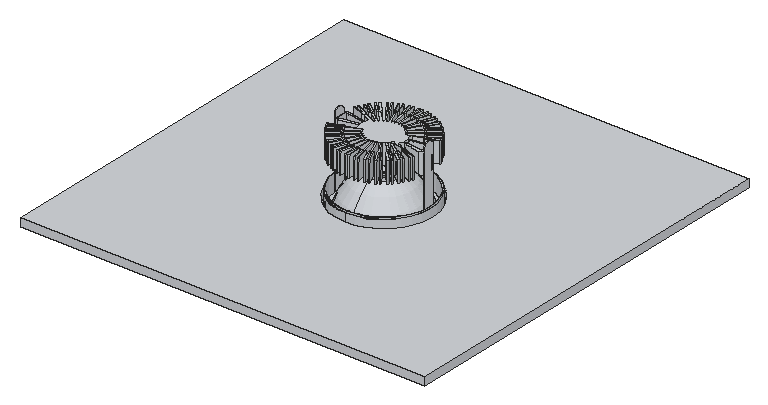
Revit family "Tempo-X161", category Lighting Fixtures, Revit 2014
Parameters (values of type "Tempo X161")
  Wattage Comments = "19.5"
  Wattage = 19.5 W
  built-in parameter 1150110 = 1 (stored number, unit not read)
  Type Comments = "Recessed"
  Type = "Tempo X161"
  built-in parameter 1114217 = 1 (stored number, unit not read)
  Tilt Angle = 90.00°
  built-in parameter 1150109 = 1 (stored number, unit not read)
  built-in parameter 1150134 = (empty or 0)
  built-in parameter 1150113 = 1 (stored number, unit not read)
  Photometric Web File = "C7161-XTM.ies"
  O/A Diameter (mm) = "161"
  Model = "C71XX, C72XX SERIES"
  Manufacturer = "Designed Architectural Lighting"
  Luminous flux of luminaire (lm) = "2000"
  Lumens = 1998.75 lm
  built-in parameter 1150115 = 1 (stored number, unit not read)
  built-in parameter 1150105 = 159.06 (stored number, unit not read)
  built-in parameter 1150137 = (empty or 0)
  built-in parameter 1150139 = (empty or 0)
  built-in parameter 1150112 = 1 (stored number, unit not read)
  built-in parameter 1150114 = 1 (stored number, unit not read)
  Lamp = "LED"
  built-in parameter 1150132 = (empty or 0)
  built-in parameter 1150102 = (empty or 0)
  built-in parameter 1150138 = (empty or 0)
  built-in parameter 1150107 = 3000 (stored number, unit not read)
  built-in parameter 1150106 = 1.5906 (stored number, unit not read)
  Height (mm) = "110"
  built-in parameter 1150104 = 9.5226 (stored number, unit not read)
  Dimming Lamp Color Temperature Shift = <None>
  Description = "Recessed LED downlighter"
  Cut Out (mm) = "147"
  Colour temperature (K) = "2700, 3000, 3500, 4000K"
  Color Filter = 16777215
  CRI = "80"
  built-in parameter 1114218 = 1 (stored number, unit not read)
  built-in parameter 1150133 = 10 (stored number, unit not read)
  Apparent Load = 19.5 VA
  Aperture (mm) = "120"
Reference planes
  plane 1 "Light Source Axis (F/B)": y = 0
  plane 2: z = 0
  plane 3 "Light Source Axis (L/R)": x = 0
  plane 4 "Light Source Elevation": z = 0
Forms (mm)
  Revolve 1, solid
    sketch origin (0, 0, -71.25) x (0, 1, 0) y (0, 0, 1)
      loop
        line (25, 122.29) -> (25, 123.355) -> (23.421, 123.355)
        arc (23.421, 123.355) -> (20.86, 133.209) -> (17.14, 142.687) r 85.065
        line (17.14, 142.687) -> (14.898, 142.687)
        arc (14.898, 142.687) -> (19.378, 132.384) -> (21.718, 121.397) r 56.147
        line (21.718, 121.397) -> (25, 121.397) -> (25, 122.29)
      axis (0, 142.687) -> (0, 121.397)
    angle from 0 to 360
  Revolve 2, solid
    sketch origin (0, 0, 0) x (0, 1, 0) y (0, 0, 1)
      loop
        line (61.474, 0) -> (70.259, 0) -> (70.259, 1.419) -> (62.196, 1.419)
        arc (62.196, 1.419) -> (48.032, 29.184) -> (26.44, 51.662) r 106.546
        line (26.44, 51.662) -> (26.44, 57.142) -> (30.935, 61.637) -> (30.935, 63.096) -> (29.749, 64.281) -> (28.369, 64.281) -> (29.742, 61.903) -> (25.237, 57.399) -> (25.237, 51.13) -> (26.69, 49.677)
        arc (26.69, 49.677) -> (47.93, 27.532) -> (61.474, 0) r 100.222
      axis (0, 64.281) -> (0, 0)
    angle from 0 to 360
  Extrusion 3, solid
    sketch origin (26.249, 2.013, 0) x (0, 1, 0) y (-1, 0, 0)
      loop
        line (-9.76, -39.191) -> (-9.76, -40.839) -> (5.202, -40.839) -> (5.202, -39.191) -> (-9.76, -39.191)
    from 3.8 to 112.458
  Extrusion 4, solid
    sketch origin (-106.271, 2.013, 0) x (0, 1, 0) y (-1, 0, 0)
      loop
        line (-9.76, -39.191) -> (-9.76, -40.839) -> (5.202, -40.839) -> (5.202, -39.191) -> (-9.76, -39.191)
    from 3.8 to 112.458
  Revolve 5, solid
    sketch origin (0, 0, 0) x (0, 1, 0) y (0, 0, 1)
      loop
        line (80.412, 0) -> (80.412, 2.117) -> (72.37, 2.117) -> (72.37, 3.8) -> (70.088, 3.8) -> (70.088, 24.673) -> (69.265, 24.673) -> (69.265, 26.768) -> (68.105, 26.768) -> (68.105, 1.768) -> (70.425, 1.768) -> (70.425, 0) -> (80.412, 0)
      axis (0, 26.768) -> (0, 0)
    angle from 0 to 360
  Extrusion 6, solid
    sketch origin (0, 0, 0) x (1, 0, 0) y (0, 1, 0)
      loop
        line (6.664, -49.816) -> (9.797, -67.585)
        arc (9.797, -67.585) -> (10.669, -68.174) -> (11.258, -67.301) r 0.744
        line (11.258, -67.301) -> (8.543, -50.165)
        arc (8.543, -50.165) -> (9.457, -48.81) -> (10.812, -49.724) r 1.156
        line (10.812, -49.724) -> (14.914, -66.649)
        arc (14.914, -66.649) -> (15.891, -67.245) -> (16.487, -66.268) r 0.809
        line (16.487, -66.268) -> (12.17, -48.457)
        arc (12.17, -48.457) -> (11.389, -47.099) -> (10, -46.375) r 2.794
        line (10, -46.375) -> (6.087, -26.242)
        arc (6.087, -26.242) -> (7.029, -24.172) -> (8.966, -25.363) r 1.517
        line (8.966, -25.363) -> (16.661, -44.408)
        arc (16.661, -44.408) -> (15.796, -45.906) -> (15.917, -47.631) r 2.958
        line (15.917, -47.631) -> (22.383, -64.476)
        arc (22.383, -64.476) -> (23.351, -64.887) -> (23.763, -63.919) r 0.744
        line (23.763, -63.919) -> (17.828, -47.615)
        arc (17.828, -47.615) -> (18.467, -46.111) -> (19.971, -46.749) r 1.156
        line (19.971, -46.749) -> (27.227, -62.58)
        arc (27.227, -62.58) -> (28.3, -62.979) -> (28.698, -61.906) r 0.809
        line (28.698, -61.906) -> (21.063, -45.246)
        arc (21.063, -45.246) -> (20.037, -44.062) -> (18.536, -43.616) r 2.794
        line (18.536, -43.616) -> (10.853, -24.601)
        arc (10.853, -24.601) -> (11.598, -22.613) -> (13.641, -23.186) r 1.569
        line (13.641, -23.186) -> (24.828, -40.413)
        arc (24.828, -40.413) -> (24.265, -42.048) -> (24.713, -43.719) r 2.958
        line (24.713, -43.719) -> (34.274, -59.021)
        arc (34.274, -59.021) -> (35.303, -59.239) -> (35.522, -58.21) r 0.744
        line (35.522, -58.21) -> (26.586, -43.338)
        arc (26.586, -43.338) -> (26.926, -41.74) -> (28.525, -42.08) r 1.156
        line (28.525, -42.08) -> (38.668, -56.235)
        arc (38.668, -56.235) -> (39.797, -56.422) -> (39.983, -55.293) r 0.809
        line (39.983, -55.293) -> (29.309, -40.396)
        arc (29.309, -40.396) -> (28.077, -39.43) -> (26.517, -39.278) r 2.794
        line (26.517, -39.278) -> (15.347, -22.078)
        arc (15.347, -22.078) -> (15.616, -19.525) -> (18.168, -19.257) r 2.039
        line (18.168, -19.257) -> (32.552, -34.152)
        arc (32.552, -34.152) -> (32.311, -35.864) -> (33.07, -37.419) r 2.958
        line (33.07, -37.419) -> (45.375, -50.615)
        arc (45.375, -50.615) -> (46.427, -50.633) -> (46.445, -49.582) r 0.744
        line (46.445, -49.582) -> (34.836, -36.688)
        arc (34.836, -36.688) -> (34.864, -35.054) -> (36.498, -35.082) r 1.156
        line (36.498, -35.082) -> (49.156, -47.043)
        arc (49.156, -47.043) -> (50.3, -47.01) -> (50.268, -45.866) r 0.809
        line (50.268, -45.866) -> (36.947, -33.28)
        arc (36.947, -33.28) -> (35.553, -32.567) -> (33.994, -32.716) r 2.794
        line (33.994, -32.716) -> (19.747, -17.963)
        arc (19.747, -17.963) -> (19.711, -15.866) -> (21.801, -15.687) r 1.536
        line (21.801, -15.687) -> (38.627, -27.469)
        arc (38.627, -27.469) -> (38.717, -29.197) -> (39.758, -30.578) r 2.958
        line (39.758, -30.578) -> (54.355, -41.183)
        arc (54.355, -41.183) -> (55.392, -41.001) -> (55.209, -39.965) r 0.744
        line (55.209, -39.965) -> (41.352, -29.523)
        arc (41.352, -29.523) -> (41.069, -27.914) -> (42.678, -27.63) r 1.156
        line (42.678, -27.63) -> (57.386, -36.955)
        arc (57.386, -36.955) -> (58.502, -36.705) -> (58.252, -35.589) r 0.809
        line (58.252, -35.589) -> (42.775, -25.775)
        arc (42.775, -25.775) -> (41.27, -25.341) -> (39.768, -25.785) r 2.794
        line (39.768, -25.785) -> (22.968, -14.021)
        arc (22.968, -14.021) -> (22.469, -12.009) -> (24.393, -11.239) r 1.578
        line (24.393, -11.239) -> (43.158, -19.594)
        arc (43.158, -19.594) -> (43.577, -21.272) -> (44.862, -22.43) r 2.958
        line (44.862, -22.43) -> (61.215, -30.055)
        arc (61.215, -30.055) -> (62.197, -29.678) -> (61.82, -28.696) r 0.744
        line (61.82, -28.696) -> (46.226, -21.09)
        arc (46.226, -21.09) -> (45.64, -19.565) -> (47.166, -18.979) r 1.156
        line (47.166, -18.979) -> (63.383, -25.327)
        arc (63.383, -25.327) -> (64.431, -24.868) -> (63.972, -23.82) r 0.809
        line (63.972, -23.82) -> (46.907, -17.14)
        arc (46.907, -17.14) -> (45.347, -17) -> (43.957, -17.723) r 2.794
        line (43.957, -17.723) -> (31.438, -12.149)
        arc (31.438, -12.149) -> (31.267, -8.471) -> (33.361, -5.443) r 5.752
        line (33.361, -5.443) -> (60.614, -10.248)
        arc (60.614, -10.248) -> (63.736, -9.613) -> (65.586, -7.019) r 4.346
        line (65.586, -7.019) -> (65.586, 7.019)
        arc (65.586, 7.019) -> (63.736, 9.613) -> (60.614, 10.248) r 4.346
        line (60.614, 10.248) -> (33.361, 5.443)
        arc (33.361, 5.443) -> (31.267, 8.471) -> (31.438, 12.149) r 5.752
        line (31.438, 12.149) -> (43.957, 17.723)
        arc (43.957, 17.723) -> (45.347, 17) -> (46.907, 17.14) r 2.794
        line (46.907, 17.14) -> (63.972, 23.82)
        arc (63.972, 23.82) -> (64.431, 24.868) -> (63.383, 25.327) r 0.809
        line (63.383, 25.327) -> (47.166, 18.979)
        arc (47.166, 18.979) -> (45.64, 19.565) -> (46.226, 21.09) r 1.156
        line (46.226, 21.09) -> (61.82, 28.696)
        arc (61.82, 28.696) -> (62.197, 29.678) -> (61.215, 30.055) r 0.744
        line (61.215, 30.055) -> (44.862, 22.43)
        arc (44.862, 22.43) -> (43.577, 21.272) -> (43.158, 19.594) r 2.958
        line (43.158, 19.594) -> (24.393, 11.239)
        arc (24.393, 11.239) -> (22.469, 12.009) -> (22.968, 14.021) r 1.578
        line (22.968, 14.021) -> (39.768, 25.785)
        arc (39.768, 25.785) -> (41.27, 25.341) -> (42.775, 25.775) r 2.794
        line (42.775, 25.775) -> (58.252, 35.589)
        arc (58.252, 35.589) -> (58.502, 36.705) -> (57.386, 36.955) r 0.809
        line (57.386, 36.955) -> (42.678, 27.63)
        arc (42.678, 27.63) -> (41.069, 27.914) -> (41.352, 29.523) r 1.156
        line (41.352, 29.523) -> (55.209, 39.965)
        arc (55.209, 39.965) -> (55.392, 41.001) -> (54.355, 41.183) r 0.744
        line (54.355, 41.183) -> (39.758, 30.578)
        arc (39.758, 30.578) -> (38.717, 29.197) -> (38.627, 27.469) r 2.958
        line (38.627, 27.469) -> (21.801, 15.687)
        arc (21.801, 15.687) -> (19.711, 15.866) -> (19.747, 17.963) r 1.536
        line (19.747, 17.963) -> (33.994, 32.716)
        arc (33.994, 32.716) -> (35.553, 32.567) -> (36.947, 33.28) r 2.794
        line (36.947, 33.28) -> (50.268, 45.866)
        arc (50.268, 45.866) -> (50.3, 47.01) -> (49.156, 47.043) r 0.809
        line (49.156, 47.043) -> (36.498, 35.082)
        arc (36.498, 35.082) -> (34.864, 35.054) -> (34.836, 36.688) r 1.156
        line (34.836, 36.688) -> (46.445, 49.582)
        arc (46.445, 49.582) -> (46.427, 50.633) -> (45.375, 50.615) r 0.744
        line (45.375, 50.615) -> (33.07, 37.419)
        arc (33.07, 37.419) -> (32.311, 35.864) -> (32.552, 34.152) r 2.958
        line (32.552, 34.152) -> (18.168, 19.257)
        arc (18.168, 19.257) -> (15.616, 19.525) -> (15.347, 22.078) r 2.039
        line (15.347, 22.078) -> (26.517, 39.278)
        arc (26.517, 39.278) -> (28.077, 39.43) -> (29.309, 40.396) r 2.794
        line (29.309, 40.396) -> (39.983, 55.293)
        arc (39.983, 55.293) -> (39.797, 56.422) -> (38.668, 56.235) r 0.809
        line (38.668, 56.235) -> (28.525, 42.08)
        arc (28.525, 42.08) -> (26.926, 41.74) -> (26.586, 43.338) r 1.156
        line (26.586, 43.338) -> (35.522, 58.21)
        arc (35.522, 58.21) -> (35.303, 59.239) -> (34.274, 59.021) r 0.744
        line (34.274, 59.021) -> (24.713, 43.719)
        arc (24.713, 43.719) -> (24.265, 42.048) -> (24.828, 40.413) r 2.958
        line (24.828, 40.413) -> (13.641, 23.186)
        arc (13.641, 23.186) -> (11.598, 22.613) -> (10.853, 24.601) r 1.569
        line (10.853, 24.601) -> (18.536, 43.616)
        arc (18.536, 43.616) -> (20.037, 44.062) -> (21.063, 45.246) r 2.794
        line (21.063, 45.246) -> (28.698, 61.906)
        arc (28.698, 61.906) -> (28.3, 62.979) -> (27.227, 62.58) r 0.809
        line (27.227, 62.58) -> (19.971, 46.749)
        arc (19.971, 46.749) -> (18.467, 46.111) -> (17.828, 47.615) r 1.156
        line (17.828, 47.615) -> (23.763, 63.919)
        arc (23.763, 63.919) -> (23.351, 64.887) -> (22.383, 64.476) r 0.744
        line (22.383, 64.476) -> (15.917, 47.631)
        arc (15.917, 47.631) -> (15.796, 45.906) -> (16.661, 44.408) r 2.958
        line (16.661, 44.408) -> (8.966, 25.363)
        arc (8.966, 25.363) -> (7.029, 24.172) -> (6.087, 26.242) r 1.517
        line (6.087, 26.242) -> (10, 46.375)
        arc (10, 46.375) -> (11.389, 47.099) -> (12.17, 48.457) r 2.794
        line (12.17, 48.457) -> (16.487, 66.268)
        arc (16.487, 66.268) -> (15.891, 67.245) -> (14.914, 66.649) r 0.809
        line (14.914, 66.649) -> (10.812, 49.724)
        arc (10.812, 49.724) -> (9.457, 48.81) -> (8.543, 50.165) r 1.156
        line (8.543, 50.165) -> (11.258, 67.301)
        arc (11.258, 67.301) -> (10.669, 68.174) -> (9.797, 67.585) r 0.744
        line (9.797, 67.585) -> (6.664, 49.816)
        arc (6.664, 49.816) -> (6.875, 48.099) -> (8.009, 46.794) r 2.958
        line (8.009, 46.794) -> (4.11, 26.732)
        arc (4.11, 26.732) -> (2.621, 25.243) -> (1.133, 26.732) r 1.489
        line (1.133, 26.732) -> (1.133, 47.273)
        arc (1.133, 47.273) -> (2.496, 48.338) -> (3.03, 49.983) r 2.958
        line (3.03, 49.983) -> (3.345, 68.023)
        arc (3.345, 68.023) -> (2.601, 68.767) -> (1.857, 68.023) r 0.744
        line (1.857, 68.023) -> (1.252, 50.684)
        arc (1.252, 50.684) -> (0.096, 49.528) -> (-1.059, 50.684) r 1.156
        line (-1.059, 50.684) -> (-1.856, 68.08)
        arc (-1.856, 68.08) -> (-2.702, 68.851) -> (-3.473, 68.006) r 0.809
        line (-3.473, 68.006) -> (-2.634, 49.699)
        arc (-2.634, 49.699) -> (-2.127, 48.217) -> (-0.902, 47.241) r 2.794
        line (-0.902, 47.241) -> (-0.902, 26.631)
        arc (-0.902, 26.631) -> (-2.496, 25.036) -> (-4.09, 26.631) r 1.594
        line (-4.09, 26.631) -> (-8.009, 46.794)
        arc (-8.009, 46.794) -> (-6.875, 48.099) -> (-6.664, 49.816) r 2.958
        line (-6.664, 49.816) -> (-9.797, 67.585)
        arc (-9.797, 67.585) -> (-10.669, 68.174) -> (-11.258, 67.301) r 0.744
        line (-11.258, 67.301) -> (-8.543, 50.165)
        arc (-8.543, 50.165) -> (-9.457, 48.81) -> (-10.812, 49.724) r 1.156
        line (-10.812, 49.724) -> (-14.914, 66.649)
        arc (-14.914, 66.649) -> (-15.891, 67.245) -> (-16.487, 66.268) r 0.809
        line (-16.487, 66.268) -> (-12.17, 48.457)
        arc (-12.17, 48.457) -> (-11.389, 47.099) -> (-10, 46.375) r 2.794
        line (-10, 46.375) -> (-6.087, 26.242)
        arc (-6.087, 26.242) -> (-7.021, 24.149) -> (-8.966, 25.363) r 1.52
        line (-8.966, 25.363) -> (-16.661, 44.408)
        arc (-16.661, 44.408) -> (-15.796, 45.906) -> (-15.917, 47.631) r 2.958
        line (-15.917, 47.631) -> (-22.383, 64.476)
        arc (-22.383, 64.476) -> (-23.351, 64.887) -> (-23.763, 63.919) r 0.744
        line (-23.763, 63.919) -> (-17.828, 47.615)
        arc (-17.828, 47.615) -> (-18.467, 46.111) -> (-19.971, 46.749) r 1.156
        line (-19.971, 46.749) -> (-27.227, 62.58)
        arc (-27.227, 62.58) -> (-28.3, 62.979) -> (-28.698, 61.906) r 0.809
        line (-28.698, 61.906) -> (-21.063, 45.246)
        arc (-21.063, 45.246) -> (-20.037, 44.062) -> (-18.536, 43.616) r 2.794
        line (-18.536, 43.616) -> (-10.853, 24.601)
        arc (-10.853, 24.601) -> (-11.463, 22.348) -> (-13.641, 23.186) r 1.572
        line (-13.641, 23.186) -> (-24.828, 40.413)
        arc (-24.828, 40.413) -> (-24.265, 42.048) -> (-24.713, 43.719) r 2.958
        line (-24.713, 43.719) -> (-34.274, 59.021)
        arc (-34.274, 59.021) -> (-35.303, 59.239) -> (-35.522, 58.21) r 0.744
        line (-35.522, 58.21) -> (-26.586, 43.338)
        arc (-26.586, 43.338) -> (-26.926, 41.74) -> (-28.525, 42.08) r 1.156
        line (-28.525, 42.08) -> (-38.668, 56.235)
        arc (-38.668, 56.235) -> (-39.797, 56.422) -> (-39.983, 55.293) r 0.809
        line (-39.983, 55.293) -> (-29.309, 40.396)
        arc (-29.309, 40.396) -> (-28.077, 39.43) -> (-26.517, 39.278) r 2.794
        line (-26.517, 39.278) -> (-15.347, 22.078)
        arc (-15.347, 22.078) -> (-15.464, 19.259) -> (-18.283, 19.376) r 1.995
        line (-18.283, 19.376) -> (-32.552, 34.152)
        arc (-32.552, 34.152) -> (-32.311, 35.864) -> (-33.07, 37.419) r 2.958
        line (-33.07, 37.419) -> (-45.375, 50.615)
        arc (-45.375, 50.615) -> (-46.427, 50.633) -> (-46.445, 49.582) r 0.744
        line (-46.445, 49.582) -> (-34.836, 36.688)
        arc (-34.836, 36.688) -> (-34.864, 35.054) -> (-36.498, 35.082) r 1.156
        line (-36.498, 35.082) -> (-49.156, 47.043)
        arc (-49.156, 47.043) -> (-50.3, 47.01) -> (-50.268, 45.866) r 0.809
        line (-50.268, 45.866) -> (-36.947, 33.28)
        arc (-36.947, 33.28) -> (-35.553, 32.567) -> (-33.994, 32.716) r 2.794
        line (-33.994, 32.716) -> (-19.747, 17.963)
        arc (-19.747, 17.963) -> (-19.769, 15.918) -> (-21.801, 15.687) r 1.544
        line (-21.801, 15.687) -> (-38.627, 27.469)
        arc (-38.627, 27.469) -> (-38.717, 29.197) -> (-39.758, 30.578) r 2.958
        line (-39.758, 30.578) -> (-54.355, 41.183)
        arc (-54.355, 41.183) -> (-55.392, 41.001) -> (-55.209, 39.965) r 0.744
        line (-55.209, 39.965) -> (-41.352, 29.523)
        arc (-41.352, 29.523) -> (-41.069, 27.914) -> (-42.678, 27.63) r 1.156
        line (-42.678, 27.63) -> (-57.386, 36.955)
        arc (-57.386, 36.955) -> (-58.502, 36.705) -> (-58.252, 35.589) r 0.809
        line (-58.252, 35.589) -> (-42.775, 25.775)
        arc (-42.775, 25.775) -> (-41.27, 25.341) -> (-39.768, 25.785) r 2.794
        line (-39.768, 25.785) -> (-23.019, 14.057)
        arc (-23.019, 14.057) -> (-22.346, 11.985) -> (-24.393, 11.239) r 1.568
        line (-24.393, 11.239) -> (-43.158, 19.594)
        arc (-43.158, 19.594) -> (-43.577, 21.272) -> (-44.862, 22.43) r 2.958
        line (-44.862, 22.43) -> (-61.215, 30.055)
        arc (-61.215, 30.055) -> (-62.197, 29.678) -> (-61.82, 28.696) r 0.744
        line (-61.82, 28.696) -> (-46.226, 21.09)
        arc (-46.226, 21.09) -> (-45.64, 19.565) -> (-47.166, 18.979) r 1.156
        line (-47.166, 18.979) -> (-63.383, 25.327)
        arc (-63.383, 25.327) -> (-64.431, 24.868) -> (-63.972, 23.82) r 0.809
        line (-63.972, 23.82) -> (-46.907, 17.14)
        arc (-46.907, 17.14) -> (-45.347, 17) -> (-43.957, 17.723) r 2.794
        line (-43.957, 17.723) -> (-31.269, 12.074)
        arc (-31.269, 12.074) -> (-31.503, 8.573) -> (-32.598, 5.239) r 14.046
        line (-32.598, 5.239) -> (-59.312, 10.432)
        arc (-59.312, 10.432) -> (-62.715, 10.104) -> (-65.39, 7.976) r 6.018
        line (-65.39, 7.976) -> (-65.39, 3.599) -> (-65.39, -3.599) -> (-65.39, -7.976)
        arc (-65.39, -7.976) -> (-62.715, -10.104) -> (-59.312, -10.432) r 6.018
        line (-59.312, -10.432) -> (-32.598, -5.239)
        arc (-32.598, -5.239) -> (-31.503, -8.573) -> (-31.269, -12.074) r 14.046
        line (-31.269, -12.074) -> (-43.957, -17.723)
        arc (-43.957, -17.723) -> (-45.347, -17) -> (-46.907, -17.14) r 2.794
        line (-46.907, -17.14) -> (-63.972, -23.82)
        arc (-63.972, -23.82) -> (-64.431, -24.868) -> (-63.383, -25.327) r 0.809
        line (-63.383, -25.327) -> (-47.166, -18.979)
        arc (-47.166, -18.979) -> (-45.64, -19.565) -> (-46.226, -21.09) r 1.156
        line (-46.226, -21.09) -> (-61.82, -28.696)
        arc (-61.82, -28.696) -> (-62.197, -29.678) -> (-61.215, -30.055) r 0.744
        line (-61.215, -30.055) -> (-44.862, -22.43)
        arc (-44.862, -22.43) -> (-43.577, -21.272) -> (-43.158, -19.594) r 2.958
        line (-43.158, -19.594) -> (-24.393, -11.239)
        arc (-24.393, -11.239) -> (-22.346, -11.985) -> (-23.019, -14.057) r 1.568
        line (-23.019, -14.057) -> (-39.768, -25.785)
        arc (-39.768, -25.785) -> (-41.27, -25.341) -> (-42.775, -25.775) r 2.794
        line (-42.775, -25.775) -> (-58.252, -35.589)
        arc (-58.252, -35.589) -> (-58.502, -36.705) -> (-57.386, -36.955) r 0.809
        line (-57.386, -36.955) -> (-42.678, -27.63)
        arc (-42.678, -27.63) -> (-41.069, -27.914) -> (-41.352, -29.523) r 1.156
        line (-41.352, -29.523) -> (-55.209, -39.965)
        arc (-55.209, -39.965) -> (-55.392, -41.001) -> (-54.355, -41.183) r 0.744
        line (-54.355, -41.183) -> (-39.758, -30.578)
        arc (-39.758, -30.578) -> (-38.717, -29.197) -> (-38.627, -27.469) r 2.958
        line (-38.627, -27.469) -> (-21.801, -15.687)
        arc (-21.801, -15.687) -> (-19.769, -15.918) -> (-19.747, -17.963) r 1.544
        line (-19.747, -17.963) -> (-33.994, -32.716)
        arc (-33.994, -32.716) -> (-35.553, -32.567) -> (-36.947, -33.28) r 2.794
        line (-36.947, -33.28) -> (-50.268, -45.866)
        arc (-50.268, -45.866) -> (-50.3, -47.01) -> (-49.156, -47.043) r 0.809
        line (-49.156, -47.043) -> (-36.498, -35.082)
        arc (-36.498, -35.082) -> (-34.864, -35.054) -> (-34.836, -36.688) r 1.156
        line (-34.836, -36.688) -> (-46.445, -49.582)
        arc (-46.445, -49.582) -> (-46.427, -50.633) -> (-45.375, -50.615) r 0.744
        line (-45.375, -50.615) -> (-33.07, -37.419)
        arc (-33.07, -37.419) -> (-32.311, -35.864) -> (-32.552, -34.152) r 2.958
        line (-32.552, -34.152) -> (-18.283, -19.376)
        arc (-18.283, -19.376) -> (-15.464, -19.259) -> (-15.347, -22.078) r 1.995
        line (-15.347, -22.078) -> (-26.517, -39.278)
        arc (-26.517, -39.278) -> (-28.077, -39.43) -> (-29.309, -40.396) r 2.794
        line (-29.309, -40.396) -> (-39.983, -55.293)
        arc (-39.983, -55.293) -> (-39.797, -56.422) -> (-38.668, -56.235) r 0.809
        line (-38.668, -56.235) -> (-28.525, -42.08)
        arc (-28.525, -42.08) -> (-26.926, -41.74) -> (-26.586, -43.338) r 1.156
        line (-26.586, -43.338) -> (-35.522, -58.21)
        arc (-35.522, -58.21) -> (-35.303, -59.239) -> (-34.274, -59.021) r 0.744
        line (-34.274, -59.021) -> (-24.713, -43.719)
        arc (-24.713, -43.719) -> (-24.265, -42.048) -> (-24.828, -40.413) r 2.958
        line (-24.828, -40.413) -> (-13.641, -23.186)
        arc (-13.641, -23.186) -> (-11.463, -22.348) -> (-10.853, -24.601) r 1.572
        line (-10.853, -24.601) -> (-18.536, -43.616)
        arc (-18.536, -43.616) -> (-20.037, -44.062) -> (-21.063, -45.246) r 2.794
        line (-21.063, -45.246) -> (-28.698, -61.906)
        arc (-28.698, -61.906) -> (-28.3, -62.979) -> (-27.227, -62.58) r 0.809
        line (-27.227, -62.58) -> (-19.971, -46.749)
        arc (-19.971, -46.749) -> (-18.467, -46.111) -> (-17.828, -47.615) r 1.156
        line (-17.828, -47.615) -> (-23.763, -63.919)
        arc (-23.763, -63.919) -> (-23.351, -64.887) -> (-22.383, -64.476) r 0.744
        line (-22.383, -64.476) -> (-15.917, -47.631)
        arc (-15.917, -47.631) -> (-15.796, -45.906) -> (-16.661, -44.408) r 2.958
        line (-16.661, -44.408) -> (-8.966, -25.363)
        arc (-8.966, -25.363) -> (-7.021, -24.149) -> (-6.087, -26.242) r 1.52
        line (-6.087, -26.242) -> (-10, -46.375)
        arc (-10, -46.375) -> (-11.389, -47.099) -> (-12.17, -48.457) r 2.794
        line (-12.17, -48.457) -> (-16.487, -66.268)
        arc (-16.487, -66.268) -> (-15.891, -67.245) -> (-14.914, -66.649) r 0.809
        line (-14.914, -66.649) -> (-10.812, -49.724)
        arc (-10.812, -49.724) -> (-9.457, -48.81) -> (-8.543, -50.165) r 1.156
        line (-8.543, -50.165) -> (-11.258, -67.301)
        arc (-11.258, -67.301) -> (-10.669, -68.174) -> (-9.797, -67.585) r 0.744
        line (-9.797, -67.585) -> (-6.664, -49.816)
        arc (-6.664, -49.816) -> (-6.875, -48.099) -> (-8.009, -46.794) r 2.958
        line (-8.009, -46.794) -> (-4.09, -26.631)
        arc (-4.09, -26.631) -> (-2.496, -25.036) -> (-0.902, -26.631) r 1.594
        line (-0.902, -26.631) -> (-0.902, -47.241)
        arc (-0.902, -47.241) -> (-2.127, -48.217) -> (-2.634, -49.699) r 2.794
        line (-2.634, -49.699) -> (-3.473, -68.006)
        arc (-3.473, -68.006) -> (-2.702, -68.851) -> (-1.856, -68.08) r 0.809
        line (-1.856, -68.08) -> (-1.059, -50.684)
        arc (-1.059, -50.684) -> (0.096, -49.528) -> (1.252, -50.684) r 1.156
        line (1.252, -50.684) -> (1.857, -68.023)
        arc (1.857, -68.023) -> (2.601, -68.767) -> (3.345, -68.023) r 0.744
        line (3.345, -68.023) -> (3.03, -49.983)
        arc (3.03, -49.983) -> (2.496, -48.338) -> (1.133, -47.273) r 2.958
        line (1.133, -47.273) -> (1.133, -26.732)
        arc (1.133, -26.732) -> (2.621, -25.243) -> (4.11, -26.732) r 1.489
        line (4.11, -26.732) -> (8.009, -46.794)
        arc (8.009, -46.794) -> (6.875, -48.099) -> (6.664, -49.816) r 2.958
      loop
        line (33.87, -2.936) -> (62.854, -8.047) -> (62.854, 8.047) -> (33.87, 2.936)
        arc (33.87, 2.936) -> (33.153, 0) -> (33.87, -2.936) r 6.371
      loop
        arc (-33.915, -3.014) -> (-33.296, 0) -> (-33.915, 3.014) r 7.653
        line (-33.915, 3.014) -> (-62.757, 7.583) -> (-62.757, -7.583) -> (-33.915, -3.014)
    from 71.437 to 101.646
  Extrusion 7, void
    sketch origin (0, 0, 0.625) x (0, 1, 0) y (0, 0, 1)
      loop
        line (7.215, 105.671) -> (8.36, 105.671) -> (8.36, 113.252) -> (-8.843, 113.252) -> (-8.843, 105.671) -> (-7.747, 105.671)
        arc (-7.747, 105.671) -> (-0.266, 111.774) -> (7.215, 105.671) r 7.636
    from 59.955 to 69.49
  Extrusion 8, void
    sketch origin (0, 0.001, 0.624) x (0, 1, 0) y (0, 0, 1)
      loop
        line (7.215, 105.671) -> (8.36, 105.671) -> (8.36, 113.253) -> (-8.843, 113.253) -> (-8.843, 105.671) -> (-7.747, 105.671)
        arc (-7.747, 105.671) -> (-0.266, 111.774) -> (7.215, 105.671) r 7.636
    from -71.118 to -62.757
  Extrusion 9, solid
    sketch origin (0, 0, 0) x (1, 0, 0) y (0, 1, 0)
      loop
        line (-298.853, 299.394) -> (-298.853, -300.606) -> (301.147, -300.606) -> (301.147, 299.394) -> (-298.853, 299.394)
      loop
        circle (0, 0) r 73.5
    from 2.117 to 14.117
Cuts and joins
  Extrusion 7 cuts Extrusion 3
  Extrusion 8 cuts Extrusion 4
Dimensions and locks
  aligned and locked: plane 3 "Light Source Axis (L/R)" to imposter light
  aligned and locked: plane 1 "Light Source Axis (F/B)" to imposter light
  aligned and locked: plane 4 "Light Source Elevation" to imposter light
  aligned and locked: level to plane 2
